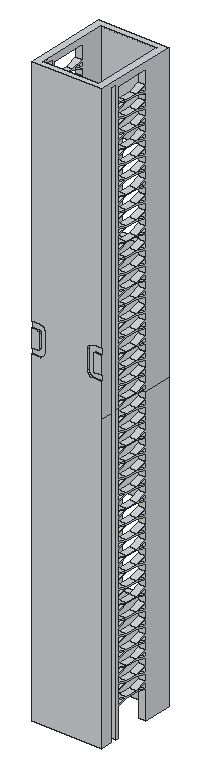
Revit family
Parameters
  Material ID = "760089482"
  Description = "Vertical Cable Management Kit, 10in X 96in (254mm X 2438mm) Single Sided, With Door, Black\r\nVertical Cable Management Kit, 6in X 84in (152mm X 2134mm) Single Sided, With Door, Black\r\nVERTICAL CABLE MANAGEMENT KIT, 6IN X 84IN(152MM X 2134MM) SINGLE SIDED, WITH DOOR, BLACK"
Reference planes (in)
  plane 1 "Center (Front/Back)": y = 0
  plane 2: z = 0
  plane 3 "Center (Left/Right)": x = 0
Forms (in)
  Extrusion 1, void, not visible
    sketch origin (0, 0, 0) x (1, 0, 0) y (0, 0, 1)
      loop
        line (-7.85662, 0.48089) -> (-7.85662, -0.39002) -> (-7.67285, -0.39002) -> (-7.67285, -0.64002) -> (-7.0736, -0.64002) -> (-7.0736, -0.39002) -> (-6.92978, -0.39002) -> (-6.92978, 0.48089) -> (-7.85662, 0.48089)
    from -3.79215 to 12
  Extrusion 2, void, not visible
    sketch origin (0, 0, 0) x (1, 0, 0) y (0, 0, 1)
      loop
        line (-8.21397, 0.42583) -> (-8.21397, -0.07417) -> (-8.08657, -0.07417) -> (-8.08657, -0.27417) -> (-7.83657, -0.27417) -> (-7.83657, -0.07417) -> (-7.72497, -0.07417) -> (-7.72497, 0.42583) -> (-8.21397, 0.42583)
    from 0.74059 to 3.34334
  Extrusion 3, solid
    sketch origin (0, 0, 0) x (1, 0, 0) y (0, 0, 1)
      loop
        line (5, 42) -> (-5, 42) -> (-5, -42) -> (5, -42) -> (5, 0) -> (5, 42)
    from 11.281 to -0.669
  Extrusion 4, void
    sketch origin (0, 0, 0) x (1, 0, 0) y (0, 0, 1)
      loop
        line (-5, 9.00056) -> (-5, 8.06684) -> (-4.1, 8.06684)
        arc (-4.1, 8.06684) -> (-3.88787, 7.97898) -> (-3.8, 7.76684) r 0.3
        line (-3.8, 7.76684) -> (-3.8, 5.85056)
        arc (-3.8, 5.85056) -> (-3.88787, 5.63843) -> (-4.1, 5.55056) r 0.3
        line (-4.1, 5.55056) -> (-5, 5.55056) -> (-5, 4.75056) -> (-3.8, 4.75056)
        arc (-3.8, 4.75056) -> (-3.23431, 4.98488) -> (-3, 5.55056) r 0.8
        line (-3, 5.55056) -> (-3, 8.20056)
        arc (-3, 8.20056) -> (-3.23431, 8.76625) -> (-3.8, 9.00056) r 0.8
        line (-3.8, 9.00056) -> (-5, 9.00056)
      loop
        line (5, 9.00056) -> (3.8, 9.00056)
        arc (3.8, 9.00056) -> (3.23431, 8.76625) -> (3, 8.20056) r 0.8
        line (3, 8.20056) -> (3, 5.55056)
        arc (3, 5.55056) -> (3.23431, 4.98488) -> (3.8, 4.75056) r 0.8
        line (3.8, 4.75056) -> (5, 4.75056) -> (5, 5.55056) -> (4.1, 5.55056)
        arc (4.1, 5.55056) -> (3.88787, 5.63843) -> (3.8, 5.85056) r 0.3
        line (3.8, 5.85056) -> (3.8, 7.76684)
        arc (3.8, 7.76684) -> (3.88787, 7.97898) -> (4.1, 8.06684) r 0.3
        line (4.1, 8.06684) -> (5, 8.06684) -> (5, 9.00056)
    from 11.08569 to 11.281
  Extrusion 5, void
    sketch origin (0, 0, 0) x (1, 0, 0) y (0, 1, 0)
      loop
        line (3.95983, -0.1615) -> (-4.04017, -0.1615) -> (-4.04017, -10.55795) -> (3.95983, -10.55795) -> (3.95983, -0.1615)
    from -58.88014 to 54.97812
  Extrusion 6, void
    sketch origin (0, 0, 0) x (0, 1, 0) y (0, 0, 1)
      loop
        line (-3.37841, 39.06909) -> (-3.37841, 41.06909) -> (-8.50915, 41.06909) -> (-8.50915, 39.06909) -> (-6.81878, 38.61615) -> (-5.06878, 38.61615) -> (-3.37841, 39.06909)
      loop
        line (-3.37841, 38.06909) -> (-5.06878, 38.52202) -> (-6.81878, 38.52202) -> (-8.50915, 38.06909) -> (-8.50915, 37.81909) -> (-8.50915, 37.06909) -> (-6.81878, 36.61615) -> (-5.06878, 36.61615) -> (-3.37841, 37.06909) -> (-3.37841, 37.81909) -> (-3.37841, 38.06909)
      loop
        line (-3.37841, 39.00985) -> (-4.9864, 38.57899) -> (-3.37841, 38.14813) -> (-3.37841, 39.00985)
      loop
        line (-8.50915, 39.00985) -> (-8.50915, 38.14813) -> (-6.90115, 38.57899) -> (-8.50915, 39.00985)
      loop
        line (-3.37841, 36.06909) -> (-5.06878, 36.52202) -> (-6.81878, 36.52202) -> (-8.50915, 36.06909) -> (-8.50915, 35.06909) -> (-6.81878, 34.61615) -> (-5.06878, 34.61615) -> (-3.37841, 35.06909) -> (-3.37841, 36.06909)
      loop
        line (-3.37841, 37.00985) -> (-4.9864, 36.57899) -> (-3.37841, 36.14813) -> (-3.37841, 37.00985)
      loop
        line (-8.50915, 37.00985) -> (-8.50915, 36.14813) -> (-6.90115, 36.57899) -> (-8.50915, 37.00985)
      loop
        line (-3.37841, 34.06909) -> (-5.06878, 34.52202) -> (-6.81878, 34.52202) -> (-8.50915, 34.06909) -> (-8.50915, 33.06909) -> (-6.81878, 32.61615) -> (-5.06878, 32.61615) -> (-3.37841, 33.06909) -> (-3.37841, 34.06909)
      loop
        line (-3.37841, 35.00985) -> (-4.9864, 34.57899) -> (-3.37841, 34.14813) -> (-3.37841, 35.00985)
      loop
        line (-8.50915, 35.00985) -> (-8.50915, 34.14813) -> (-6.90115, 34.57899) -> (-8.50915, 35.00985)
      loop
        line (-3.37841, 32.06909) -> (-5.06878, 32.52202) -> (-6.81878, 32.52202) -> (-8.50915, 32.06909) -> (-8.50915, 31.06909) -> (-6.81878, 30.61615) -> (-5.06878, 30.61615) -> (-3.37841, 31.06909) -> (-3.37841, 32.06909)
      loop
        line (-3.37841, 33.00985) -> (-4.9864, 32.57899) -> (-3.37841, 32.14813) -> (-3.37841, 33.00985)
      loop
        line (-8.50915, 33.00985) -> (-8.50915, 32.14813) -> (-6.90115, 32.57899) -> (-8.50915, 33.00985)
      loop
        line (-3.37841, 30.06909) -> (-5.06878, 30.52202) -> (-6.81878, 30.52202) -> (-8.50915, 30.06909) -> (-8.50915, 29.06909) -> (-6.81878, 28.61615) -> (-5.06878, 28.61615) -> (-3.37841, 29.06909) -> (-3.37841, 30.06909)
      loop
        line (-3.37841, 31.00985) -> (-4.9864, 30.57899) -> (-3.37841, 30.14813) -> (-3.37841, 31.00985)
      loop
        line (-8.50915, 31.00985) -> (-8.50915, 30.14813) -> (-6.90115, 30.57899) -> (-8.50915, 31.00985)
      loop
        line (-3.37841, 28.06909) -> (-5.06878, 28.52202) -> (-6.81878, 28.52202) -> (-8.50915, 28.06909) -> (-8.50915, 27.06909) -> (-6.81878, 26.61615) -> (-5.06878, 26.61615) -> (-3.37841, 27.06909) -> (-3.37841, 28.06909)
      loop
        line (-3.37841, 29.00985) -> (-4.9864, 28.57899) -> (-3.37841, 28.14813) -> (-3.37841, 29.00985)
      loop
        line (-8.50915, 29.00985) -> (-8.50915, 28.14813) -> (-6.90115, 28.57899) -> (-8.50915, 29.00985)
      loop
        line (-3.37841, 26.06909) -> (-5.06878, 26.52202) -> (-6.81878, 26.52202) -> (-8.50915, 26.06909) -> (-8.50915, 25.06909) -> (-6.81878, 24.61615) -> (-5.06878, 24.61615) -> (-3.37841, 25.06909) -> (-3.37841, 26.06909)
      loop
        line (-3.37841, 27.00985) -> (-4.9864, 26.57899) -> (-3.37841, 26.14813) -> (-3.37841, 27.00985)
      loop
        line (-8.50915, 27.00985) -> (-8.50915, 26.14813) -> (-6.90115, 26.57899) -> (-8.50915, 27.00985)
      loop
        line (-3.37841, 24.06909) -> (-5.06878, 24.52202) -> (-6.81878, 24.52202) -> (-8.50915, 24.06909) -> (-8.50915, 23.06909) -> (-6.81878, 22.61615) -> (-5.06878, 22.61615) -> (-3.37841, 23.06909) -> (-3.37841, 24.06909)
      loop
        line (-3.37841, 25.00985) -> (-4.9864, 24.57899) -> (-3.37841, 24.14813) -> (-3.37841, 25.00985)
      loop
        line (-8.50915, 25.00985) -> (-8.50915, 24.14813) -> (-6.90115, 24.57899) -> (-8.50915, 25.00985)
      loop
        line (-3.37841, 22.06909) -> (-5.06878, 22.52202) -> (-6.81878, 22.52202) -> (-8.50915, 22.06909) -> (-8.50915, 21.06909) -> (-6.81878, 20.61615) -> (-5.06878, 20.61615) -> (-3.37841, 21.06909) -> (-3.37841, 22.06909)
      loop
        line (-3.37841, 23.00985) -> (-4.9864, 22.57899) -> (-3.37841, 22.14813) -> (-3.37841, 23.00985)
      loop
        line (-8.50915, 23.00985) -> (-8.50915, 22.14813) -> (-6.90115, 22.57899) -> (-8.50915, 23.00985)
      loop
        line (-3.37841, 20.06909) -> (-5.06878, 20.52202) -> (-6.81878, 20.52202) -> (-8.50915, 20.06909) -> (-8.50915, 19.06909) -> (-6.81878, 18.61615) -> (-5.06878, 18.61615) -> (-3.37841, 19.06909) -> (-3.37841, 20.06909)
      loop
        line (-3.37841, 21.00985) -> (-4.9864, 20.57899) -> (-3.37841, 20.14813) -> (-3.37841, 21.00985)
      loop
        line (-8.50915, 21.00985) -> (-8.50915, 20.14813) -> (-6.90115, 20.57899) -> (-8.50915, 21.00985)
      loop
        line (-3.37841, 18.06909) -> (-5.06878, 18.52202) -> (-6.81878, 18.52202) -> (-8.50915, 18.06909) -> (-8.50915, 17.06909) -> (-6.81878, 16.61615) -> (-5.06878, 16.61615) -> (-3.37841, 17.06909) -> (-3.37841, 18.06909)
      loop
        line (-3.37841, 19.00985) -> (-4.9864, 18.57899) -> (-3.37841, 18.14813) -> (-3.37841, 19.00985)
      loop
        line (-8.50915, 19.00985) -> (-8.50915, 18.14813) -> (-6.90115, 18.57899) -> (-8.50915, 19.00985)
      loop
        line (-3.37841, 16.06909) -> (-5.06878, 16.52202) -> (-6.81878, 16.52202) -> (-8.50915, 16.06909) -> (-8.50915, 15.06909) -> (-6.81878, 14.61615) -> (-5.06878, 14.61615) -> (-3.37841, 15.06909) -> (-3.37841, 16.06909)
      loop
        line (-3.37841, 17.00985) -> (-4.9864, 16.57899) -> (-3.37841, 16.14813) -> (-3.37841, 17.00985)
      loop
        line (-8.50915, 17.00985) -> (-8.50915, 16.14813) -> (-6.90115, 16.57899) -> (-8.50915, 17.00985)
      loop
        line (-3.37841, 14.06909) -> (-5.06878, 14.52202) -> (-6.81878, 14.52202) -> (-8.50915, 14.06909) -> (-8.50915, 13.06909) -> (-6.81878, 12.61615) -> (-5.06878, 12.61615) -> (-3.37841, 13.06909) -> (-3.37841, 14.06909)
      loop
        line (-3.37841, 15.00985) -> (-4.9864, 14.57899) -> (-3.37841, 14.14813) -> (-3.37841, 15.00985)
      loop
        line (-8.50915, 15.00985) -> (-8.50915, 14.14813) -> (-6.90115, 14.57899) -> (-8.50915, 15.00985)
      loop
        line (-3.37841, 12.06909) -> (-5.06878, 12.52202) -> (-6.81878, 12.52202) -> (-8.50915, 12.06909) -> (-8.50915, 11.06909) -> (-6.81878, 10.61615) -> (-5.06878, 10.61615) -> (-3.37841, 11.06909) -> (-3.37841, 12.06909)
      loop
        line (-3.37841, 13.00985) -> (-4.9864, 12.57899) -> (-3.37841, 12.14813) -> (-3.37841, 13.00985)
      loop
        line (-8.50915, 13.00985) -> (-8.50915, 12.14813) -> (-6.90115, 12.57899) -> (-8.50915, 13.00985)
      loop
        line (-3.37841, 10.06909) -> (-5.06878, 10.52202) -> (-6.81878, 10.52202) -> (-8.50915, 10.06909) -> (-8.50915, 9.06909) -> (-6.81878, 8.61615) -> (-5.06878, 8.61615) -> (-3.37841, 9.06909) -> (-3.37841, 10.06909)
      loop
        line (-3.37841, 11.00985) -> (-4.9864, 10.57899) -> (-3.37841, 10.14813) -> (-3.37841, 11.00985)
      loop
        line (-8.50915, 11.00985) -> (-8.50915, 10.14813) -> (-6.90115, 10.57899) -> (-8.50915, 11.00985)
      loop
        line (-3.37841, 8.06909) -> (-5.06878, 8.52202) -> (-6.81878, 8.52202) -> (-8.50915, 8.06909) -> (-8.50915, 7.06909) -> (-6.81878, 6.61615) -> (-5.06878, 6.61615) -> (-3.37841, 7.06909) -> (-3.37841, 8.06909)
      loop
        line (-3.37841, 9.00985) -> (-4.9864, 8.57899) -> (-3.37841, 8.14813) -> (-3.37841, 9.00985)
      loop
        line (-8.50915, 9.00985) -> (-8.50915, 8.14813) -> (-6.90115, 8.57899) -> (-8.50915, 9.00985)
      loop
        line (-3.37841, 6.06909) -> (-5.06878, 6.52202) -> (-6.81878, 6.52202) -> (-8.50915, 6.06909) -> (-8.50915, 5.06909) -> (-6.81878, 4.61615) -> (-5.06878, 4.61615) -> (-3.37841, 5.06909) -> (-3.37841, 6.06909)
      loop
        line (-3.37841, 7.00985) -> (-4.9864, 6.57899) -> (-3.37841, 6.14813) -> (-3.37841, 7.00985)
      loop
        line (-8.50915, 7.00985) -> (-8.50915, 6.14813) -> (-6.90115, 6.57899) -> (-8.50915, 7.00985)
      loop
        line (-3.37841, 4.06909) -> (-5.06878, 4.52202) -> (-6.81878, 4.52202) -> (-8.50915, 4.06909) -> (-8.50915, 3.06909) -> (-6.81878, 2.61615) -> (-5.06878, 2.61615) -> (-3.37841, 3.06909) -> (-3.37841, 4.06909)
      loop
        line (-3.37841, 5.00985) -> (-4.9864, 4.57899) -> (-3.37841, 4.14813) -> (-3.37841, 5.00985)
      loop
        line (-8.50915, 5.00985) -> (-8.50915, 4.14813) -> (-6.90115, 4.57899) -> (-8.50915, 5.00985)
      loop
        line (-3.37841, 2.06909) -> (-5.06878, 2.52202) -> (-6.81878, 2.52202) -> (-8.50915, 2.06909) -> (-8.50915, 1.06909) -> (-6.81878, 0.61615) -> (-5.06878, 0.61615) -> (-3.37841, 1.06909) -> (-3.37841, 2.06909)
      loop
        line (-3.37841, 3.00985) -> (-4.9864, 2.57899) -> (-3.37841, 2.14813) -> (-3.37841, 3.00985)
      loop
        line (-8.50915, 3.00985) -> (-8.50915, 2.14813) -> (-6.90115, 2.57899) -> (-8.50915, 3.00985)
      loop
        line (-3.37841, 0.06909) -> (-5.06878, 0.52202) -> (-6.81878, 0.52202) -> (-8.50915, 0.06909) -> (-8.50915, -0.93091) -> (-6.81878, -1.38385) -> (-5.06878, -1.38385) -> (-3.37841, -0.93091) -> (-3.37841, 0.06909)
      loop
        line (-3.37841, 1.00985) -> (-4.9864, 0.57899) -> (-3.37841, 0.14813) -> (-3.37841, 1.00985)
      loop
        line (-8.50915, 1.00985) -> (-8.50915, 0.14813) -> (-6.90115, 0.57899) -> (-8.50915, 1.00985)
      loop
        line (-3.37841, -1.93091) -> (-5.06878, -1.47798) -> (-6.81878, -1.47798) -> (-8.50915, -1.93091) -> (-8.50915, -2.93091) -> (-6.81878, -3.38385) -> (-5.06878, -3.38385) -> (-3.37841, -2.93091) -> (-3.37841, -1.93091)
      loop
        line (-3.37841, -0.99015) -> (-4.9864, -1.42101) -> (-3.37841, -1.85187) -> (-3.37841, -0.99015)
      loop
        line (-8.50915, -0.99015) -> (-8.50915, -1.85187) -> (-6.90115, -1.42101) -> (-8.50915, -0.99015)
      loop
        line (-3.37841, -3.93091) -> (-5.06878, -3.47798) -> (-6.81878, -3.47798) -> (-8.50915, -3.93091) -> (-8.50915, -4.93091) -> (-6.81878, -5.38385) -> (-5.06878, -5.38385) -> (-3.37841, -4.93091) -> (-3.37841, -3.93091)
      loop
        line (-3.37841, -2.99015) -> (-4.9864, -3.42101) -> (-3.37841, -3.85187) -> (-3.37841, -2.99015)
      loop
        line (-8.50915, -2.99015) -> (-8.50915, -3.85187) -> (-6.90115, -3.42101) -> (-8.50915, -2.99015)
      loop
        line (-3.37841, -5.93091) -> (-5.06878, -5.47798) -> (-6.81878, -5.47798) -> (-8.50915, -5.93091) -> (-8.50915, -6.93091) -> (-6.81878, -7.38385) -> (-5.06878, -7.38385) -> (-3.37841, -6.93091) -> (-3.37841, -5.93091)
      loop
        line (-3.37841, -4.99015) -> (-4.9864, -5.42101) -> (-3.37841, -5.85187) -> (-3.37841, -4.99015)
      loop
        line (-8.50915, -4.99015) -> (-8.50915, -5.85187) -> (-6.90115, -5.42101) -> (-8.50915, -4.99015)
      loop
        line (-3.37841, -7.93091) -> (-5.06878, -7.47798) -> (-6.81878, -7.47798) -> (-8.50915, -7.93091) -> (-8.50915, -8.93091) -> (-6.81878, -9.38385) -> (-5.06878, -9.38385) -> (-3.37841, -8.93091) -> (-3.37841, -7.93091)
      loop
        line (-3.37841, -6.99015) -> (-4.9864, -7.42101) -> (-3.37841, -7.85187) -> (-3.37841, -6.99015)
      loop
        line (-8.50915, -6.99015) -> (-8.50915, -7.85187) -> (-6.90115, -7.42101) -> (-8.50915, -6.99015)
      loop
        line (-3.37841, -9.93091) -> (-5.06878, -9.47798) -> (-6.81878, -9.47798) -> (-8.50915, -9.93091) -> (-8.50915, -10.93091) -> (-6.81878, -11.38385) -> (-5.06878, -11.38385) -> (-3.37841, -10.93091) -> (-3.37841, -9.93091)
      loop
        line (-3.37841, -8.99015) -> (-4.9864, -9.42101) -> (-3.37841, -9.85187) -> (-3.37841, -8.99015)
      loop
        line (-8.50915, -8.99015) -> (-8.50915, -9.85187) -> (-6.90115, -9.42101) -> (-8.50915, -8.99015)
      loop
        line (-3.37841, -11.93091) -> (-5.06878, -11.47798) -> (-6.81878, -11.47798) -> (-8.50915, -11.93091) -> (-8.50915, -12.93091) -> (-6.81878, -13.38385) -> (-5.06878, -13.38385) -> (-3.37841, -12.93091) -> (-3.37841, -11.93091)
      loop
        line (-3.37841, -10.99015) -> (-4.9864, -11.42101) -> (-3.37841, -11.85187) -> (-3.37841, -10.99015)
      loop
        line (-8.50915, -10.99015) -> (-8.50915, -11.85187) -> (-6.90115, -11.42101) -> (-8.50915, -10.99015)
      loop
        line (-3.37841, -13.93091) -> (-5.06878, -13.47798) -> (-6.81878, -13.47798) -> (-8.50915, -13.93091) -> (-8.50915, -14.93091) -> (-6.81878, -15.38385) -> (-5.06878, -15.38385) -> (-3.37841, -14.93091) -> (-3.37841, -13.93091)
      loop
        line (-3.37841, -12.99015) -> (-4.9864, -13.42101) -> (-3.37841, -13.85187) -> (-3.37841, -12.99015)
      loop
        line (-8.50915, -12.99015) -> (-8.50915, -13.85187) -> (-6.90115, -13.42101) -> (-8.50915, -12.99015)
      loop
        line (-3.37841, -15.93091) -> (-5.06878, -15.47798) -> (-6.81878, -15.47798) -> (-8.50915, -15.93091) -> (-8.50915, -16.93091) -> (-6.81878, -17.38385) -> (-5.06878, -17.38385) -> (-3.37841, -16.93091) -> (-3.37841, -15.93091)
      loop
        line (-3.37841, -14.99015) -> (-4.9864, -15.42101) -> (-3.37841, -15.85187) -> (-3.37841, -14.99015)
      loop
        line (-8.50915, -14.99015) -> (-8.50915, -15.85187) -> (-6.90115, -15.42101) -> (-8.50915, -14.99015)
      loop
        line (-3.37841, -17.93091) -> (-5.06878, -17.47798) -> (-6.81878, -17.47798) -> (-8.50915, -17.93091) -> (-8.50915, -18.93091) -> (-6.81878, -19.38385) -> (-5.06878, -19.38385) -> (-3.37841, -18.93091) -> (-3.37841, -17.93091)
      loop
        line (-3.37841, -16.99015) -> (-4.9864, -17.42101) -> (-3.37841, -17.85187) -> (-3.37841, -16.99015)
      loop
        line (-8.50915, -16.99015) -> (-8.50915, -17.85187) -> (-6.90115, -17.42101) -> (-8.50915, -16.99015)
      loop
        line (-3.37841, -19.93091) -> (-5.06878, -19.47798) -> (-6.81878, -19.47798) -> (-8.50915, -19.93091) -> (-8.50915, -20.93091) -> (-6.81878, -21.38385) -> (-5.06878, -21.38385) -> (-3.37841, -20.93091) -> (-3.37841, -19.93091)
      loop
        line (-3.37841, -18.99015) -> (-4.9864, -19.42101) -> (-3.37841, -19.85187) -> (-3.37841, -18.99015)
      loop
        line (-8.50915, -18.99015) -> (-8.50915, -19.85187) -> (-6.90115, -19.42101) -> (-8.50915, -18.99015)
      loop
        line (-3.37841, -21.93091) -> (-5.06878, -21.47798) -> (-6.81878, -21.47798) -> (-8.50915, -21.93091) -> (-8.50915, -22.93091) -> (-6.81878, -23.38385) -> (-5.06878, -23.38385) -> (-3.37841, -22.93091) -> (-3.37841, -21.93091)
      loop
        line (-3.37841, -20.99015) -> (-4.9864, -21.42101) -> (-3.37841, -21.85187) -> (-3.37841, -20.99015)
      loop
        line (-8.50915, -20.99015) -> (-8.50915, -21.85187) -> (-6.90115, -21.42101) -> (-8.50915, -20.99015)
      loop
        line (-3.37841, -23.93091) -> (-5.06878, -23.47798) -> (-6.81878, -23.47798) -> (-8.50915, -23.93091) -> (-8.50915, -24.93091) -> (-6.81878, -25.38385) -> (-5.06878, -25.38385) -> (-3.37841, -24.93091) -> (-3.37841, -23.93091)
      loop
        line (-3.37841, -22.99015) -> (-4.9864, -23.42101) -> (-3.37841, -23.85187) -> (-3.37841, -22.99015)
      loop
        line (-8.50915, -22.99015) -> (-8.50915, -23.85187) -> (-6.90115, -23.42101) -> (-8.50915, -22.99015)
      loop
        line (-3.37841, -25.93091) -> (-5.06878, -25.47798) -> (-6.81878, -25.47798) -> (-8.50915, -25.93091) -> (-8.50915, -26.93091) -> (-6.81878, -27.38385) -> (-5.06878, -27.38385) -> (-3.37841, -26.93091) -> (-3.37841, -25.93091)
      loop
        line (-3.37841, -24.99015) -> (-4.9864, -25.42101) -> (-3.37841, -25.85187) -> (-3.37841, -24.99015)
      loop
        line (-8.50915, -24.99015) -> (-8.50915, -25.85187) -> (-6.90115, -25.42101) -> (-8.50915, -24.99015)
      loop
        line (-3.37841, -27.93091) -> (-5.06878, -27.47798) -> (-6.81878, -27.47798) -> (-8.50915, -27.93091) -> (-8.50915, -28.93091) -> (-6.81878, -29.38385) -> (-5.06878, -29.38385) -> (-3.37841, -28.93091) -> (-3.37841, -27.93091)
      loop
        line (-3.37841, -26.99015) -> (-4.9864, -27.42101) -> (-3.37841, -27.85187) -> (-3.37841, -26.99015)
      loop
        line (-8.50915, -26.99015) -> (-8.50915, -27.85187) -> (-6.90115, -27.42101) -> (-8.50915, -26.99015)
      loop
        line (-3.37841, -29.93091) -> (-5.06878, -29.47798) -> (-6.81878, -29.47798) -> (-8.50915, -29.93091) -> (-8.50915, -30.93091) -> (-6.81878, -31.38385) -> (-5.06878, -31.38385) -> (-3.37841, -30.93091) -> (-3.37841, -29.93091)
      loop
        line (-3.37841, -28.99015) -> (-4.9864, -29.42101) -> (-3.37841, -29.85187) -> (-3.37841, -28.99015)
      loop
        line (-8.50915, -28.99015) -> (-8.50915, -29.85187) -> (-6.90115, -29.42101) -> (-8.50915, -28.99015)
      loop
        line (-3.37841, -31.93091) -> (-5.06878, -31.47798) -> (-6.81878, -31.47798) -> (-8.50915, -31.93091) -> (-8.50915, -32.93091) -> (-6.81878, -33.38385) -> (-5.06878, -33.38385) -> (-3.37841, -32.93091) -> (-3.37841, -31.93091)
      loop
        line (-3.37841, -30.99015) -> (-4.9864, -31.42101) -> (-3.37841, -31.85187) -> (-3.37841, -30.99015)
      loop
        line (-8.50915, -30.99015) -> (-8.50915, -31.85187) -> (-6.90115, -31.42101) -> (-8.50915, -30.99015)
      loop
        line (-3.37841, -33.93091) -> (-5.06878, -33.47798) -> (-6.81878, -33.47798) -> (-8.50915, -33.93091) -> (-8.50915, -34.93091) -> (-6.81878, -35.38385) -> (-5.06878, -35.38385) -> (-3.37841, -34.93091) -> (-3.37841, -33.93091)
      loop
        line (-3.37841, -32.99015) -> (-4.9864, -33.42101) -> (-3.37841, -33.85187) -> (-3.37841, -32.99015)
      loop
        line (-8.50915, -32.99015) -> (-8.50915, -33.85187) -> (-6.90115, -33.42101) -> (-8.50915, -32.99015)
      loop
        line (-3.37841, -35.93091) -> (-5.06878, -35.47798) -> (-6.81878, -35.47798) -> (-8.50915, -35.93091) -> (-8.50915, -36.93091) -> (-6.81878, -37.38385) -> (-5.06878, -37.38385) -> (-3.37841, -36.93091) -> (-3.37841, -35.93091)
      loop
        line (-3.37841, -34.99015) -> (-4.9864, -35.42101) -> (-3.37841, -35.85187) -> (-3.37841, -34.99015)
      loop
        line (-8.50915, -34.99015) -> (-8.50915, -35.85187) -> (-6.90115, -35.42101) -> (-8.50915, -34.99015)
      loop
        line (-3.37841, -37.93091) -> (-5.06878, -37.47798) -> (-6.81878, -37.47798) -> (-8.50915, -37.93091) -> (-8.50915, -42) -> (-3.37841, -42) -> (-3.37841, -37.93091)
      loop
        line (-3.37841, -36.99015) -> (-4.9864, -37.42101) -> (-3.37841, -37.85187) -> (-3.37841, -36.99015)
      loop
        line (-8.50915, -36.99015) -> (-8.50915, -37.85187) -> (-6.90115, -37.42101) -> (-8.50915, -36.99015)
    from -16.16264 to 12
  Extrusion 7, void
    sketch origin (0, 0, 0) x (0, 1, 0) y (0, 0, 1)
      loop
        line (-9.74802, 41.47806) -> (-9.74802, -42) -> (-8.75915, -42) -> (-8.75915, 41.47806) -> (-9.74802, 41.47806)
    from -16.48531 to 12
  Extrusion 8, void
    sketch origin (0, 0, 0) x (1, 0, 0) y (0, 0, 1)
      loop
        line (1.49935, 28.88043) -> (-1.75065, 28.88043) -> (-1.75065, 16.13043) -> (1.49935, 16.13043) -> (1.49935, 28.88043)
      loop
        line (1.49935, -28.88043) -> (1.49935, -16.13043) -> (-1.75065, -16.13043) -> (-1.75065, -28.88043) -> (1.49935, -28.88043)
    from -9.86946 to 1.00595
Cuts and joins
  Extrusion 4, Extrusion 5, Extrusion 6, Extrusion 7, Extrusion 8 cuts Extrusion 3
